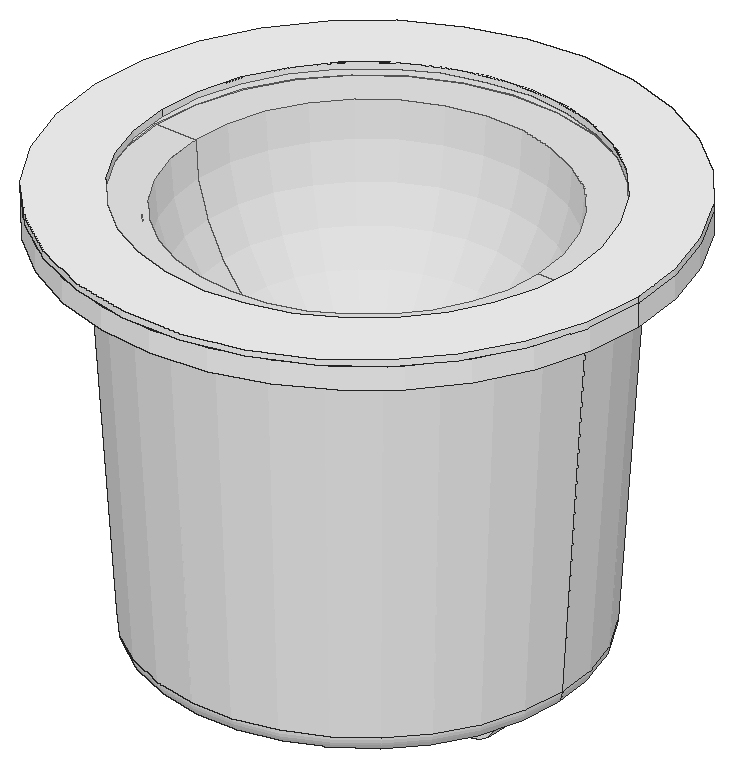
Revit family "2058953", category Lighting Fixtures, host Face, Revit 2018
Family settings
  Host = Face
  Round Connector Dimension = Use Diameter
  Part Type = Normal
  OmniClass Number = 23.80.70.11.17
  OmniClass Title = Specialized Lighting by Location or Use
  Cut with Voids When Loaded = No
  Light Source = Yes
  Shared = No
  Room Calculation Point = No
Parameters (values of type "2058953 MYRIAD DECO IP65 SP 2.7K DALI BK CBEZ")
  Weight = "n/a"
  Wattage = 15 W
  WarrantyStartDate [instance] = "n/a"
  WarrantyGuarantorParts = "n/a"
  WarrantyDurationUnit = "n/a"
  WarrantyDurationParts = ""
  WarrantyDescription = "http://www.sylvania-lighting.com"
  built-in parameter 1150110 = 1 (stored number, unit not read)
  Voltage = 230 V
  URL = "0"
  TypeName = "MYRIAD DECO IP65 SPOT 2700K DALI BLACK CBEZ"
  Type Image = 0
  Type Comments = ""
  built-in parameter 1114217 = 1 (stored number, unit not read)
  Tilt Angle = -90°
  built-in parameter 1150109 = 1 (stored number, unit not read)
  built-in parameter 1150134 = (empty or 0)
  built-in parameter 1150113 = 1 (stored number, unit not read)
  SerialNumber [instance] = "n/a"
  Reflector Radius = Cutout Diameter / 2 - 2.5 mm  # 35.0 mm
  Reflector Material = Aluminum_Sylvania_Myriad_Bright
  Recessed Depth = Height  # 72.0 mm
  PowerFactor = 0
  PowerConsumption = "Lighting"
  Photometric Web File = "2058953.ies"
  NominalWidth = 0.0 mm
  NominalLength = 76.0 mm
  NominalHeight = 72.0 mm
  Name = "MYRIAD DECO IP65 SPOT 2700K DALI BLACK CBEZ"
  ModelReference = "MYRIAD DECO IP65 SPOT 2700K DALI BLACK CBEZ"
  ModelNumber = "2058953"
  Material = "Feilo Sylvania"
  ManufacturerName = "124 lm/W"
  LuminousEfficacy = ""
  LuminaireType = "0"
  LightOutputRatio = "LED"
  LampsType = Lamp  # "n/a"
  LampNominalLuminous = "2700 K"
  LampMacAdamStep = "85"
  LampColourTemperature = "LED"
  LampColourRenderingIndex = "16500"
  Keynote = "n/a"
  Keynote_2 = "16500"
  InstallationDate [instance] = "n/a"
  InputVoltage = "0"
  InputNominalFrequency = "2700"
  IngressProtection = "IfcLightFixtureType"
  ImpactProtectionIndex = "IfcLightFixtureType"
  IfcExportType = "IfcLightFixtureType"
  IfcExportAs = "Class II"
  Height = 72.0 mm  # constant formula
  ExpectedLife = 50000
  Emit from Circle Diameter = Accessory Inner Diameter 2  # 68.0 mm
  Emit Shape Visible in Rendering = no
  ElectricShockClassification = "124"
  DurationUnit = "hours"
  DocumentationLiterature = "http://www.sylvania-lighting.com/product/en-int/products/2058953"
  DimmingControlOptions = "n/a"
  Diffuser Material = Glass_Sylvania_Myriad_Clear_4000K
  Diffuser Diameter = Cutout Diameter  # 75.0 mm
  Cutout Diameter = 75.0 mm  # constant formula
  CreatedOn = "03/02/2022"
  CreatedBy = "@sylvania-lighting.com"
  built-in parameter 1001205 = 0
  Cost = 0
  built-in parameter 1114216 [instance] = 1 (stored number, unit not read)
  Model = "MYRIAD DECO IP65 SPOT 2700K DALI BLACK CBEZ"
  Manufacturer = "Feilo Sylvania"  # constant formula
  built-in parameter 1150105 = 83.556 (stored number, unit not read)
  Lumens = 1050 lm
  built-in parameter 1150115 = 1 (stored number, unit not read)
  built-in parameter 1150137 = (empty or 0)
  built-in parameter 1150139 = (empty or 0)
  built-in parameter 1150112 = 1 (stored number, unit not read)
  built-in parameter 1150114 = 1 (stored number, unit not read)
  Lamp = "n/a"
  built-in parameter 1150132 = (empty or 0)
  built-in parameter 1150102 = (empty or 0)
  built-in parameter 1150107 = 2700 (stored number, unit not read)
  built-in parameter 1150138 = (empty or 0)
  built-in parameter 1150106 = 0.83556 (stored number, unit not read)
  built-in parameter 1150104 = 6.5032 (stored number, unit not read)
  Dimming Lamp Color Temperature Shift = <None>
  Description = "Supplied complete with electronic control gear Compact Fluorescent low energy downlight Emergency version passes through the cut out Ideal for low level orientation lighting New range of Architectural accessories each providing a different lit dimension New completely flush plaster up accessory ring for clean ceiling lines and smooth finish Order lamp separately"  # constant formula
  Default Elevation = 0.0 mm
  Color Filter = 16777215
  built-in parameter 1140040 [instance] = 1
  Body Radius = Reflector Radius + 1.5 mm  # 36.5 mm
  Body Material = Aluminum_Sylvania_Myriad_Gray
  BarCode [instance] = "n/a"
  built-in parameter 1114218 = 1 (stored number, unit not read)
  built-in parameter 1150133 = 10 (stored number, unit not read)
  AssetType = "Fixed"
  AssetIdentifier [instance] = "n/a"
  Assembly Code = "D5020200"
  Apparent Load = 10 VA
  Accessory Material = Aluminum_Sylvania_Myriad_White
  Accessory Inner Diameter 2 = Accessory Diameter - 22.0 mm  # 68.0 mm
  Accessory Inner Diameter 1 = Accessory Diameter - 2.0 mm  # 88.0 mm
  Accessory Diameter = Cutout Diameter + 15.0 mm  # 90.0 mm
Reference planes
  plane 1 "Center (Front/Back)": y = 0
  plane 2: z = 0
  plane 3 "Center (Left/Right)": x = 0
  plane 4: z = 2
  plane 5 "Fixture Bottom": z = 4.5
  plane 6: z = -28.5
  plane 7: z = -61.5
  plane 8 "Fixture Top": z = -67.5
  plane 9: z = 3.5
Forms (mm)
  Revolve 1, solid, material "Aluminum_Sylvania_Myriad_Bright" <- "Reflector Material", detail levels fine
    sketch origin (0, 0, 0) x (1, 0, 0) y (0, 0, 1)
      loop
        line (0, -27.515) -> (-6, -27.515)
        arc (-6, -27.515) -> (-22.333, -16.632) -> (-28.5, 2) r 30.135
        line (-28.5, 2) -> (-35, 2) -> (-35, 0) -> (-29.184, 0)
        arc (-29.184, 0) -> (-22.423, -18.18) -> (-6, -28.5) r 30.204
        line (-6, -28.5) -> (0, -28.5) -> (0, -27.515)
      axis (0, -28.5) -> (0, 2)
    angle from 0 to 360
  Revolve 2, solid, material "Aluminum_Sylvania_Myriad_Gray" <- "Body Material", detail levels fine
    sketch origin (0, 0, 0) x (1, 0, 0) y (0, 0, 1)
      loop
        line (-44, 2) -> (-44, 0) -> (-36.5, 0) -> (-32.42, -58.708)
        arc (-32.42, -58.708) -> (-31.474, -60.694) -> (-29.428, -61.5) r 3
        line (-29.428, -61.5) -> (0, -61.5) -> (0, -28.5) -> (-6, -28.5)
        arc (-6, -28.5) -> (-22.423, -18.18) -> (-29.184, 0) r 30.204
        line (-29.184, 0) -> (-35, 0) -> (-35, 2) -> (-44, 2)
      axis (0, 2) -> (0, -61.5)
    angle from 0 to 360
  Extrusion 3, solid, material "Aluminum_Sylvania_Myriad_Gray" <- "Body Material", detail levels fine
    sketch origin (0, 0, 0) x (1, 0, 0) y (0, 0, 1)
      loop
        line (-13.5, -67.5) -> (21, -67.5)
        arc (21, -67.5) -> (23.828, -66.328) -> (25, -63.5) r 4
        line (25, -63.5) -> (25, -61.5) -> (-17.5, -61.5) -> (-17.5, -63.5)
        arc (-17.5, -63.5) -> (-16.328, -66.328) -> (-13.5, -67.5) r 4
    from -4.5 to 4.5
  Extrusion 4, solid, material "Aluminum_Sylvania_Myriad_White" <- "Accessory Material", detail levels fine
    sketch origin (0, 0, 0) x (1, 0, 0) y (0, 1, 0)
      loop
        circle (0, 0) r 45
      loop
        circle (0, 0) r 44
    from 0 to 3.5
  Extrusion 5, solid, material "Aluminum_Sylvania_Myriad_White" <- "Accessory Material", detail levels fine
    sketch origin (0, 0, 0) x (1, 0, 0) y (0, 1, 0)
      loop
        circle (0, 0) r 45
      loop
        circle (0, 0) r 34
    from 3.5 to 4.5
  Extrusion 6, solid, material "Aluminum_Sylvania_Myriad_White" <- "Accessory Material", detail levels coarse+medium
    sketch origin (0, 0, 0) x (1, 0, 0) y (0, 1, 0)
      loop
        circle (0, 0) r 45
    from 0 to 4.5
  Revolve 7, solid, detail levels coarse+medium
    sketch origin (0, 0, 0) x (1, 0, 0) y (0, 0, 1)
      loop
        line (36.5, 0) -> (0, 0) -> (0, -61.5) -> (32.226, -61.5) -> (36.5, 0)
      axis (0, 0) -> (0, -61.5)
    angle from 0 to 360
  Extrusion 8, void
    sketch origin (0, 0, 0) x (1, 0, 0) y (0, 1, 0)
      loop
        circle (0, 0) r 37.5
    from -67.5 to 0
  Extrusion 9, solid, material "Glass_Sylvania_Myriad_Clear_4000K" <- "Diffuser Material", detail levels fine
    sketch origin (0, 0, 0) x (1, 0, 0) y (0, 1, 0)
      loop
        circle (0, 0) r 37.5
    from 2 to 3.5
Cuts and joins
  joined: Extrusion 4, Extrusion 5
Lines and regions (mm)
  Masking region 1
    outline origin (0, 0, 0) x (1, 0, 0) y (0, 1, 0)
      loop
        circle (0, 0) r 45
  symbolic lines
    curve 1: arc (-34, 0, 0) -> (0, 34, 0) -> (34, 0, 0) r 34
    curve 2: arc (34, 0, 0) -> (0, -34, 0) -> (-34, 0, 0) r 34
Dimensions and locks
  locked: plane 7 to plane 8 "Fixture Top" at 6
  "Body Radius": Revolve 7 sketch curve to plane 3 "Center (Left/Right)"
  locked: Revolve 7 sketch curve to Revolve 7 sketch curve at 4.274
  plane 5 "Fixture Bottom" to plane 9 to plane 4 to plane 2 to plane 6 = 1.0 mm locked, 1.5 mm locked, 2.0 mm locked, 28.5 mm locked
  "Reflector Radius": Revolve 1 sketch curve to plane 3 "Center (Left/Right)"
  Revolve 1 sketch curve to Revolve 1 sketch curve to Revolve 1 sketch curve to Revolve 1 sketch curve = 6.5 mm locked, 22.5 mm locked, 0.0 mm locked
  "Reflector Radius": plane 3 "Center (Left/Right)" to Revolve 2 sketch curve
  Revolve 2 sketch curve to Revolve 2 sketch curve to Revolve 2 sketch curve = 7.5 mm locked, 1.5 mm locked
  Revolve 2 sketch curve to Revolve 2 sketch curve to Revolve 2 sketch curve = 5.816 mm locked, 23.184 mm locked
  Revolve 2 sketch curve to Revolve 2 sketch curve to Revolve 2 sketch curve = 2.58 mm locked, 2.993 mm locked
  "Accessory Diameter": diameter of Extrusion 4 sketch curve
  "Accessory Inner Diameter 1": diameter of Extrusion 4 sketch curve
  "Accessory Diameter": diameter of Extrusion 5 sketch curve
  "Accessory Diameter": diameter of Extrusion 6 sketch curve
  "Cutout Diameter": diameter of Extrusion 8 sketch curve
  "Accessory Inner Diameter 2": diameter of Extrusion 5 sketch curve
  "Diffuser Diameter": diameter of Extrusion 9 sketch curve
  aligned and locked: plane 2 to host face
  aligned and locked: level to host face
  aligned and locked: plane 1 "Center (Front/Back)" to imposter light
  aligned and locked: plane 3 "Center (Left/Right)" to imposter light
  aligned and locked: Revolve 1 sketch curve to imposter light
  aligned and locked: Extrusion 3 sketch curve to plane 8 "Fixture Top"
  aligned and locked: plane 7 to Extrusion 3 sketch curve
  aligned and locked: Extrusion 4 to plane 2
  aligned and locked: plane 9 to Extrusion 4
  aligned and locked: Extrusion 5 to plane 9
  aligned and locked: plane 5 "Fixture Bottom" to Extrusion 5
  aligned and locked: Extrusion 6 to plane 2
  aligned and locked: plane 5 "Fixture Bottom" to Extrusion 6
  aligned and locked: Extrusion 8 to plane 8 "Fixture Top"
  aligned and locked: plane 2 to Extrusion 8
  aligned and locked: Masking region 1 sketch curve to Extrusion 6  (x2)
  aligned and locked: Extrusion 9 to plane 4
  aligned and locked: plane 9 to Extrusion 9
  aligned and locked: plane 4 to Revolve 2 sketch curve
  aligned and locked: Revolve 2 sketch curve to plane 2
  aligned and locked: curve 1 to cut or joined group of Extrusion 4, Extrusion 5
  aligned and locked: curve 2 to cut or joined group of Extrusion 4, Extrusion 5
  aligned and locked: imposter light to plane 5 "Fixture Bottom"
Automatic sketch dimensions
  host sketch curve to host sketch curve = 1305.563 mm
  host sketch curve to host sketch curve = 1283.632 mm
  Extrusion 3 sketch curve to plane 7 = 2.0 mm
  Extrusion 3 sketch curve to plane 3 "Center (Left/Right)" = 13.5 mm
  plane 3 "Center (Left/Right)" to Extrusion 3 sketch curve = 21.0 mm
  Extrusion 3 sketch curve to Extrusion 3 sketch curve = 4.0 mm
  Revolve 1 sketch curve to level = 0.0 mm
  Revolve 1 sketch curve to plane 3 "Center (Left/Right)" = 0.0 mm
  Revolve 1 sketch curve to plane 6 = 0.0 mm
  Revolve 1 sketch curve to plane 4 = 0.0 mm
  Revolve 1 sketch curve to Revolve 1 sketch curve = 0.684 mm
  level to Revolve 1 sketch curve = 0.88 mm
  Revolve 1 sketch curve to plane 4 = 0.363 mm
  Revolve 1 sketch curve to Revolve 1 sketch curve = 0.625 mm
  Revolve 1 sketch curve to plane 8 "Fixture Top" = 232.8 mm
  plane 5 "Fixture Bottom" to Revolve 1 sketch curve = 291.243 mm
  Revolve 2 sketch curve to plane 3 "Center (Left/Right)" = 0.0 mm  (x2)
  Revolve 2 sketch curve to plane 7 = 0.0 mm
  Revolve 2 sketch curve to plane 6 = 0.0 mm
  Revolve 2 sketch curve to level = 0.0 mm
  level to Revolve 2 sketch curve = 0.88 mm
  plane 7 to Revolve 2 sketch curve = 2.792 mm
  Revolve 2 sketch curve to plane 8 "Fixture Top" = 304.774 mm
  plane 5 "Fixture Bottom" to Revolve 2 sketch curve = 1137.105 mm
  Extrusion 4 sketch curve to Extrusion 4 sketch curve = 0.0 mm  (x2)
  plane 1 "Center (Front/Back)" to Extrusion 4 sketch curve = 0.0 mm
  Extrusion 4 sketch curve to plane 3 "Center (Left/Right)" = 0.0 mm
  Extrusion 5 sketch curve to Extrusion 5 sketch curve = 0.0 mm  (x2)
  plane 1 "Center (Front/Back)" to Extrusion 5 sketch curve = 0.0 mm
  Extrusion 5 sketch curve to plane 3 "Center (Left/Right)" = 0.0 mm
  plane 1 "Center (Front/Back)" to Extrusion 6 sketch curve = 0.0 mm
  Extrusion 6 sketch curve to plane 3 "Center (Left/Right)" = 0.0 mm
  Revolve 7 sketch curve to level = 0.0 mm
  Revolve 7 sketch curve to plane 3 "Center (Left/Right)" = 0.0 mm  (x2)
  Revolve 7 sketch curve to plane 7 = 0.0 mm
  Revolve 7 sketch curve to plane 8 "Fixture Top" = 304.774 mm
  plane 5 "Fixture Bottom" to Revolve 7 sketch curve = 43.226 mm
  plane 1 "Center (Front/Back)" to Extrusion 8 sketch curve = 0.0 mm
  Extrusion 8 sketch curve to plane 3 "Center (Left/Right)" = 0.0 mm
  plane 1 "Center (Front/Back)" to Extrusion 9 sketch curve = 0.0 mm
  Extrusion 9 sketch curve to plane 3 "Center (Left/Right)" = 0.0 mm
Connectors
  electrical at (-0.006, -0.019, -67.5), driven by "Apparent Load", driven by "Apparent Load"
    settings: on plane 8 "Fixture Top", index 1, voltage 230 V, apparent load 10 VA, apparent load phase1 10 VA, apparent load phase2 0 VA, apparent load phase3 0 VA, power factor 1, load classification "Lighting", number of poles 1, system type 30, power factor state 1, is connector primary yes, connector utility no, sub classification motor no, connector description ""
